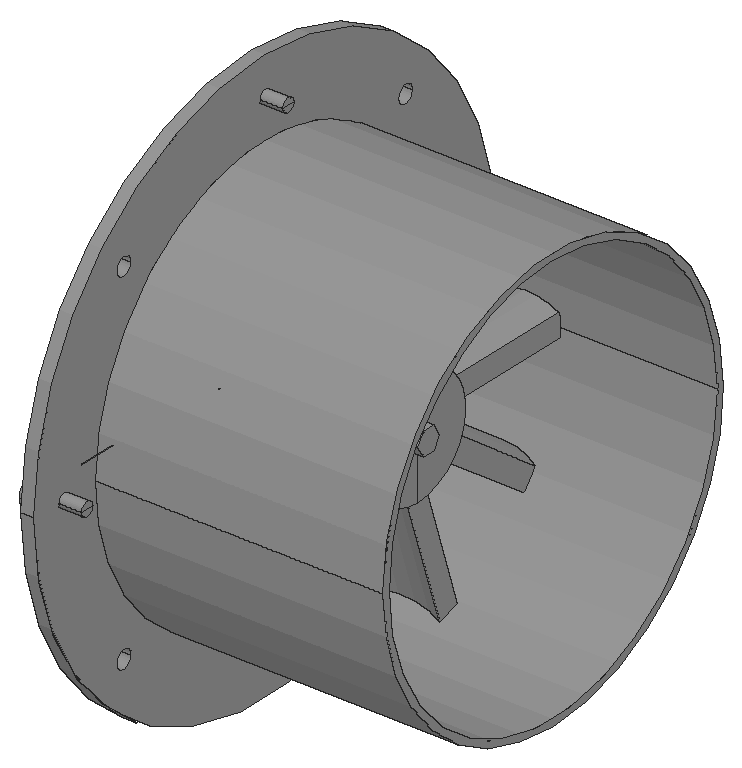
Revit family "ОВ_К_Р 1_Eng", category Mechanical Equipment, Revit 2021
Family settings
  Round Connector Dimension = Use Diameter
  Classification = None
  Part Type = Normal
  Work Plane-Based = No
  Always vertical = Yes
  Cut with Voids When Loaded = No
  Shared = No
  Room Calculation Point = No
Parameters (values of type "OVK1 150")
  Grid OV1 R = no
  Partition = yes
  Width = Height  # 220 mm
  Weight = 2.50 kg
  Voltage = if(Number of Fase = 3, 400 V, 230 V)  # 230 V
  Sound pressure level at 3 m distance = "33 dBA"
  Pressure_Static_Air [instance] = 0.0 Pa
  Power = 36 W
  Number of Fase = 1
  Maximum Air Flow = 200.0 m³/h
  Load Classification = "HVAC"
  Length = L  # 120 mm
  Height = if(Grid OVК1, D222, B)  # 220 mm
  Frequency = 50 Hz
  Diameter = if(Grid OVК1, D222, D)  # 220 mm
  Default Elevation = 0 mm
  Description = "Low pressure axial fans in the steel casing for wall mounting"  # constant formula
  Grid OVК1 = yes
  Grid OV1 = no
  Manufacturer = "Vents"  # constant formula
  t1 = 10 mm  # constant formula
  r = 0.07 * B  # 17.5 mm
  l1 = D / 2  # 81 mm
  l = d1 + 5 mm  # 10 mm
  d1 = 5 mm  # constant formula
  d = 7 mm
  URL = "https://ventilation-system.com/series/ovk1"
  Maintenance zone material = none
  L = 120 mm
  E2 = D / 2 + 15 mm  # 96 mm
  Dy = D - 5 mm  # 157 mm
  D99 = D9 - 5 mm  # 27 mm
  D9 = D88 - 10 mm  # 32 mm
  D88 = D8 - 5 mm  # 42 mm
  D8 = D77 - 10 mm  # 47 mm
  D7_77 = if(D7_7 = 46.5 mm, 47.7 mm, if(D7_7 = 2.5 mm, 0.7 mm, D7_7 - 5 mm))  # 47.7 mm
  D7_7 = if(D2_22 < 11 mm, 46.5 mm, abs(D6_66 - 10 mm))  # 46.5 mm
  D77 = D7 - 5 mm  # 57 mm
  D7 = D66 - 10 mm  # 62 mm
  D6_66 = if(D6_6 = 26.5 mm, 27.7 mm, if(D6_6 = 8.5 mm, 7.5 mm, D6_6 - 5 mm))  # 27.7 mm
  D6_6 = if(D2_22 < 11 mm, 26.5 mm, abs(D5_55 - 10 mm))  # 26.5 mm
  D66 = D6 - 5 mm  # 72 mm
  D6 = D55 - 10 mm  # 77 mm
  D5_55 = if(D5_5 = 16.5 mm, 17.7 mm, abs(D5_5 - 5 mm))  # 17.7 mm
  D5_5 = if(D2_22 < 11 mm, 16.5 mm, if(D4_44 < 14 mm, 3.5 mm, D4_44 - 10 mm))  # 16.5 mm
  D55 = D5 - 5 mm  # 87 mm
  D5 = D44 - 10 mm  # 92 mm
  D4_44 = if(D4_4 = 6.5 mm, 7 mm, D4_4 - 5 mm)  # 7 mm
  D4_4 = if(D2_22 < 11 mm, 6.5 mm, D3_33 - 10 mm)  # 6.5 mm
  D44 = D4 - 5 mm  # 102 mm
  D4 = D33 - 10 mm  # 107 mm
  D3_33 = D3_3 - 5 mm  # 1 mm
  D3_3 = if(D2_22 < 11 mm, 6 mm, D2_22 - 10 mm)  # 6 mm
  D33 = D3 - 5 mm  # 117 mm
  D3 = D22 - 10 mm  # 122 mm
  D2_22 = abs(D2_2 - 5 mm)  # 3 mm
  D2_2 = D1_11 - 10 mm  # 2 mm
  D22 = D2 - 5 mm  # 132 mm
  D2 = D11 - 10 mm  # 137 mm
  D1_11 = D1_1 - 5 mm  # 12 mm
  D1_1 = D99 - 10 mm  # 17 mm
  D222 = 220 mm
  D111 = 190 mm
  D11 = D1 - 5 mm  # 147 mm
  D1 = D - 10 mm  # 152 mm
  Casing Material = Metal, painted, matte black
  D = 162 mm
  B1 = 210 mm
  B = 250 mm
  Apparent Load = Voltage * Amperage  # 59.8 VA
  Amperage = 0.26 A
  Air Flow [instance] = 0.0 m³/h
  09_System_Name [instance] = ""
  00_20_Type = "OVK1 150"
  00_20_Name = "Low pressure axial fans in the steel casing for wall mounting"  # constant formula
  00_20_Manufacturer = "Vents"  # constant formula
Types (12, lengths in mm): name | Grid OV1 R | Partition | Width | Weight | Sound pressure level at 3 m distance | Power | Maximum Air Flow | Length | Height | Diameter | Grid OVК1 | Grid OV1 | r | l1 | d | URL | L | E2 | Dy | D99 | D9 | D88 | D8 | D7_77 | D7_7 | D77 | D7 | D6_66 | D6_6 | D66 | D6 | D5_55 | D5_5 | D55 | D5 | D4_44 | D4_4 | D44 | D4 | D3_33 | D3_3 | D33 | D3 | D2_22 | D2_2 | D22 | D2 | D1_11 | D1_1 | D222 | D111 | D11 | D1 | Casing Material | D | B1 | B | Apparent Load | Amperage | 00_20_Type
  (no name) | no | yes | 220 | 2.50 kg | "33 dBA" | 36 W | 200.0 m³/h | 120 | 220 | 220 | yes | no | 17.5 | 81 | 7 | "https://ventilation-system.com/series/ovk1" | 120 | 96 | 157 | 27 | 32 | 42 | 47 | 47.7 | 46.5 | 57 | 62 | 27.7 | 26.5 | 72 | 77 | 17.7 | 16.5 | 87 | 92 | 7 | 6.5 | 102 | 107 | 1 | 6 | 117 | 122 | 3 | 2 | 132 | 137 | 12 | 17 | 220 | 190 | 147 | 152 | Metal, painted, matte black | 162 | 210 | 250 | 59.8 VA | 0.26 A | "OVK1 150"
  OV1 200 | no | yes | 312 | 3.00 kg | "33 dBA" | 43 W | 405.0 m³/h | 120 | 312 | 208 | no | yes | 21.84 | 104 | 7 | "https://ventilation-system.com/series/ov1" | 120 | 119 | 203 | 73 | 78 | 88 | 93 | 0.7 | 2.5 | 103 | 108 | 7.5 | 8.5 | 118 | 123 | 1.5 | 3.5 | 133 | 138 | 13 | 18 | 148 | 153 | 28 | 33 | 163 | 168 | 43 | 48 | 178 | 183 | 58 | 63 | 213 | 186.371 | 193 | 198 | Metal, painted, matte black | 208 | 260 | 312 | 64.4 VA | 0.28 A | "OV1 200"
  OV1 150 | no | yes | 250 | 2.50 kg | "33 dBA" | 36 W | 200.0 m³/h | 120 | 250 | 162 | no | yes | 17.5 | 81 | 7 | "https://ventilation-system.com/series/ov1" | 120 | 96 | 157 | 27 | 32 | 42 | 47 | 47.7 | 46.5 | 57 | 62 | 27.7 | 26.5 | 72 | 77 | 17.7 | 16.5 | 87 | 92 | 7 | 6.5 | 102 | 107 | 1 | 6 | 117 | 122 | 3 | 2 | 132 | 137 | 12 | 17 | 167 | 186.371 | 147 | 152 | Metal, painted, matte black | 162 | 210 | 250 | 59.8 VA | 0.26 A | "OV1 150"
  OV1 250 | no | yes | 370 | 3.50 kg | "37 dBA" | 68 W | 1070.0 m³/h | 140 | 370 | 262 | no | yes | 25.9 | 131 | 7 | "https://ventilation-system.com/series/ov1" | 140 | 146 | 257 | 127 | 132 | 142 | 147 | 22 | 27 | 157 | 162 | 37 | 42 | 172 | 177 | 52 | 57 | 187 | 192 | 67 | 72 | 202 | 207 | 82 | 87 | 217 | 222 | 97 | 102 | 232 | 237 | 112 | 117 | 267 | 186.371 | 247 | 252 | Metal, painted, matte black | 262 | 320 | 370 | 110.4 VA | 0.48 A | "OV1 250"
  OV1 315 | no | yes | 430 | 6.10 kg | "42 dBA" | 110 W | 1700.0 m³/h | 170 | 430 | 312 | no | yes | 30.1 | 156 | 9 | "https://ventilation-system.com/series/ov1" | 170 | 171 | 307 | 177 | 182 | 192 | 197 | 72 | 77 | 207 | 212 | 87 | 92 | 222 | 227 | 102 | 107 | 237 | 242 | 117 | 122 | 252 | 257 | 132 | 137 | 267 | 272 | 147 | 152 | 282 | 287 | 162 | 167 | 317 | 186.371 | 297 | 302 | Metal, painted, matte black | 312 | 380 | 430 | 172.5 VA | 0.75 A | "OV1 315"
  OVK1 150 | no | yes | 220 | 2.50 kg | "33 dBA" | 36 W | 200.0 m³/h | 120 | 220 | 220 | yes | no | 17.5 | 81 | 7 | "https://ventilation-system.com/series/ovk1" | 120 | 96 | 157 | 27 | 32 | 42 | 47 | 47.7 | 46.5 | 57 | 62 | 27.7 | 26.5 | 72 | 77 | 17.7 | 16.5 | 87 | 92 | 7 | 6.5 | 102 | 107 | 1 | 6 | 117 | 122 | 3 | 2 | 132 | 137 | 12 | 17 | 220 | 190 | 147 | 152 | Metal, painted, matte black | 162 | 210 | 250 | 59.8 VA | 0.26 A | "OVK1 150"
  OVK1 200 | no | yes | 300 | 2.50 kg | "33 dBA" | 43 W | 405.0 m³/h | 120 | 300 | 300 | yes | no | 21.84 | 104 | 7 | "https://ventilation-system.com/series/ovk1" | 120 | 119 | 203 | 73 | 78 | 88 | 93 | 0.7 | 2.5 | 103 | 108 | 7.5 | 8.5 | 118 | 123 | 1.5 | 3.5 | 133 | 138 | 13 | 18 | 148 | 153 | 28 | 33 | 163 | 168 | 43 | 48 | 178 | 183 | 58 | 63 | 300 | 270 | 193 | 198 | Metal, painted, matte black | 208 | 260 | 312 | 64.4 VA | 0.28 A | "OVK1 200"
  OVK1 250 | no | yes | 360 | 3.00 kg | "37 dBA" | 68 W | 1070.0 m³/h | 140 | 360 | 360 | yes | no | 25.9 | 131 | 7 | "https://ventilation-system.com/series/ovk1" | 140 | 146 | 257 | 127 | 132 | 142 | 147 | 22 | 27 | 157 | 162 | 37 | 42 | 172 | 177 | 52 | 57 | 187 | 192 | 67 | 72 | 202 | 207 | 82 | 87 | 217 | 222 | 97 | 102 | 232 | 237 | 112 | 117 | 360 | 330 | 247 | 252 | Metal, painted, matte black | 262 | 320 | 370 | 110.4 VA | 0.48 A | "OVK1 250"
  OVK1 315 | no | yes | 420 | 5.10 kg | "42 dBA" | 110 W | 1700.0 m³/h | 170 | 420 | 420 | yes | no | 30.1 | 156 | 9 | "https://ventilation-system.com/series/ovk1" | 170 | 171 | 307 | 177 | 182 | 192 | 197 | 72 | 77 | 207 | 212 | 87 | 92 | 222 | 227 | 102 | 107 | 237 | 242 | 117 | 122 | 252 | 257 | 132 | 137 | 267 | 272 | 147 | 152 | 282 | 287 | 162 | 167 | 420 | 390 | 297 | 302 | Metal, painted, matte black | 312 | 380 | 430 | 172.5 VA | 0.75 A | "OVK1 315"
  OV1 150 R | yes | no | 325 | 2.50 kg | "33 dBA" | 36 W | 200.0 m³/h | 127 | 325 | 162 | no | no | 22.75 | 81 | 7 | "https://ventilation-system.com/series/ov1-r" | 127 | 96 | 157 | 27 | 32 | 42 | 47 | 47.7 | 46.5 | 57 | 62 | 27.7 | 26.5 | 72 | 77 | 17.7 | 16.5 | 87 | 92 | 7 | 6.5 | 102 | 107 | 1 | 6 | 117 | 122 | 3 | 2 | 132 | 137 | 12 | 17 | 220 | 190 | 147 | 152 | Plastic, opaque, white | 162 | 210 | 325 | 59.8 VA | 0.26 A | "OV1 150 R"
  OV1 200 R | yes | no | 325 | 3.00 kg | "32 dBA" | 43 W | 405.0 m³/h | 127 | 325 | 208 | no | no | 22.75 | 104 | 7 | "https://ventilation-system.com/series/ov1-r" | 127 | 119 | 203 | 73 | 78 | 88 | 93 | 0.7 | 2.5 | 103 | 108 | 7.5 | 8.5 | 118 | 123 | 1.5 | 3.5 | 133 | 138 | 13 | 18 | 148 | 153 | 28 | 33 | 163 | 168 | 43 | 48 | 178 | 183 | 58 | 63 | 220 | 190 | 193 | 198 | Plastic, opaque, white | 208 | 210 | 325 | 64.4 VA | 0.28 A | "OV1 200 R"
  OV1 250 R | yes | no | 325 | 3.50 kg | "37 dBA" | 68 W | 1070.0 m³/h | 152 | 325 | 262 | no | no | 22.75 | 131 | 7 | "https://ventilation-system.com/series/ov1-r" | 152 | 146 | 257 | 127 | 132 | 142 | 147 | 22 | 27 | 157 | 162 | 37 | 42 | 172 | 177 | 52 | 57 | 187 | 192 | 67 | 72 | 202 | 207 | 82 | 87 | 217 | 222 | 97 | 102 | 232 | 237 | 112 | 117 | 267 | 186.371 | 247 | 252 | Plastic, opaque, white | 262 | 320 | 325 | 110.4 VA | 0.48 A | "OV1 250 R"
Reference planes
  plane 1 "По центру (Вперед/Назад)": y = 0
  plane 2: z = 0
  plane 3 "По центру (Влево/Вправо)": x = 0
  plane 4: x = -10
  plane 5: z = 96
  plane 6: z = -96
  plane 7: y = 96
  plane 8: y = -96
  plane 9: y = 105
  plane 10: y = -105
  plane 11: z = 105
  plane 12: z = -105
  plane 13: x = 50
Forms (mm)
  Extrusion 1, solid, material "Metal, painted, matte black" <- "Casing Material", visible <- "Grid OV1"
    sketch origin (-80, 168.777, 0) x (0, -1, 0) y (0, 0, 1)
      loop
        circle (168.777, 0) r 81
      loop
        arc (276.277, -125) -> (288.652, -119.874) -> (293.777, -107.5) r 17.5
        line (293.777, -107.5) -> (293.777, 107.5)
        arc (293.777, 107.5) -> (288.652, 119.874) -> (276.277, 125) r 17.5
        line (276.277, 125) -> (61.277, 125)
        arc (61.277, 125) -> (48.903, 119.874) -> (43.777, 107.5) r 17.5
        line (43.777, 107.5) -> (43.777, -107.5)
        arc (43.777, -107.5) -> (48.903, -119.874) -> (61.277, -125) r 17.5
        line (61.277, -125) -> (276.277, -125)
      loop
        circle (168.777, 0) r 76
      loop
        circle (168.777, 0) r 73.5
      loop
        circle (168.777, 0) r 68.5
      loop
        circle (168.777, 0) r 66
      loop
        circle (168.777, 0) r 61
      loop
        circle (168.777, 0) r 58.5
      loop
        circle (168.777, 0) r 53.5
      loop
        circle (168.777, 0) r 51
      loop
        circle (168.777, 0) r 46
      loop
        circle (168.777, 0) r 43.5
      loop
        circle (168.777, 0) r 36
      loop
        circle (168.777, 0) r 38.5
      loop
        circle (168.777, 0) r 31
      loop
        circle (168.777, 0) r 28.5
      loop
        circle (168.777, 0) r 23.5
      loop
        circle (168.777, 0) r 21
      loop
        circle (168.777, 0) r 16
      loop
        circle (168.777, 0) r 13.5
      loop
        circle (168.777, 0) r 8.5
      loop
        circle (168.777, 0) r 6
      loop
        circle (168.777, 0) r 1
      loop
        circle (168.777, 0) r 1.5
      loop
        circle (168.777, 0) r 3
      loop
        circle (168.777, 0) r 0.5
      loop
        circle (168.777, 0) r 3.25
      loop
        circle (168.777, 0) r 3.5
      loop
        circle (168.777, 0) r 8.25
      loop
        circle (168.777, 0) r 8.85
      loop
        circle (168.777, 0) r 13.25
      loop
        circle (168.777, 0) r 13.85
      loop
        circle (168.777, 0) r 23.25
      loop
        circle (168.777, 0) r 23.85
      loop
        circle (273.777, 105) r 3.5
      loop
        circle (273.777, -105) r 3.5
      loop
        circle (63.777, -105) r 3.5
      loop
        circle (63.777, 105) r 3.5
    from -80 to -75
  Extrusion 2, solid, material "Metal, painted, matte black" <- "Casing Material"
    sketch origin (35, 109.934, 0) x (0, -1, 0) y (0, 0, 1)
      loop
        circle (109.934, 0) r 78.5
      loop
        circle (109.934, 0) r 81
    from -75 to 35
  Extrusion 3, solid, material "Metal, painted, matte black" <- "Casing Material", visible <- "Grid OVК1"
    sketch origin (0, 0, 0) x (0, 1, 0) y (0, 0, 1)
      loop
        circle (0, 0) r 110
      loop
        circle (0, 0) r 81
      loop
        circle (0, 0) r 76
      loop
        circle (0, 0) r 73.5
      loop
        circle (0, 0) r 68.5
      loop
        circle (0, 0) r 66
      loop
        circle (0, 0) r 61
      loop
        circle (0, 0) r 58.5
      loop
        circle (0, 0) r 53.5
      loop
        circle (0, 0) r 51
      loop
        circle (0, 0) r 46
      loop
        circle (0, 0) r 43.5
      loop
        circle (0, 0) r 36
      loop
        circle (0, 0) r 38.5
      loop
        circle (0, 0) r 31
      loop
        circle (0, 0) r 28.5
      loop
        circle (0, 0) r 23.5
      loop
        circle (0, 0) r 21
      loop
        circle (0, 0) r 16
      loop
        circle (0, 0) r 13.5
      loop
        circle (0, 0) r 8.5
      loop
        circle (0, 0) r 6
      loop
        circle (0, 0) r 1
      loop
        circle (0, 0) r 1.5
      loop
        circle (0, 0) r 3
      loop
        circle (0, 0) r 0.5
      loop
        circle (0, 0) r 3.25
      loop
        circle (0, 0) r 3.5
      loop
        circle (0, 0) r 8.25
      loop
        circle (0, 0) r 8.85
      loop
        circle (0, 0) r 13.25
      loop
        circle (0, 0) r 13.85
      loop
        circle (0, 0) r 23.25
      loop
        circle (0, 0) r 23.85
      loop
        circle (67.175, 67.175) r 3.5
      loop
        circle (-67.175, 67.175) r 3.5
      loop
        circle (-67.175, -67.175) r 3.5
      loop
        circle (67.175, -67.175) r 3.5
    from 0 to -5
Dimensions and locks
  "B": Extrusion 1 sketch curve to Extrusion 1 sketch curve  (x2)
  equal spacing: Extrusion 1 sketch curve, plane 1 "По центру (Вперед/Назад)", Extrusion 1 sketch curve
  equal spacing: Extrusion 1 sketch curve, level, Extrusion 1 sketch curve
  "l": plane 4 to plane 3 "По центру (Влево/Вправо)"
  "E2": plane 6 to level to plane 5
  "E2": plane 7 to plane 1 "По центру (Вперед/Назад)" to plane 8
  equal spacing: plane 11, level, plane 12
  "B1": plane 12 to plane 11
  equal spacing: plane 9, plane 1 "По центру (Вперед/Назад)", plane 10
  "B1": plane 9 to plane 10
  "L": plane 4 to Extrusion 2
  locked: plane 13 to plane 3 "По центру (Влево/Вправо)" at 50
  locked: Extrusion 3 to plane 3 "По центру (Влево/Вправо)" at 5
  "D": diameter of Extrusion 1 sketch curve
  "D1": diameter of Extrusion 1 sketch curve
  "D11": diameter of Extrusion 1 sketch curve
  "D2": diameter of Extrusion 1 sketch curve
  "D22": diameter of Extrusion 1 sketch curve
  "D3": diameter of Extrusion 1 sketch curve
  "D33": diameter of Extrusion 1 sketch curve
  "D44": diameter of Extrusion 1 sketch curve
  "D4": diameter of Extrusion 1 sketch curve
  "D5": diameter of Extrusion 1 sketch curve
  "D55": diameter of Extrusion 1 sketch curve
  "D66": diameter of Extrusion 1 sketch curve
  "D6": diameter of Extrusion 1 sketch curve
  "D7": diameter of Extrusion 1 sketch curve
  "D77": diameter of Extrusion 1 sketch curve
  "D8": diameter of Extrusion 1 sketch curve
  "D88": diameter of Extrusion 1 sketch curve
  "D9": diameter of Extrusion 1 sketch curve
  "D99": diameter of Extrusion 1 sketch curve
  "D1_1": diameter of Extrusion 1 sketch curve
  "D1_11": diameter of Extrusion 1 sketch curve
  "D2_2": diameter of Extrusion 1 sketch curve
  "D2_22": diameter of Extrusion 1 sketch curve
  "D3_3": diameter of Extrusion 1 sketch curve
  "D3_33": diameter of Extrusion 1 sketch curve
  "D4_4": diameter of Extrusion 1 sketch curve
  "D4_44": diameter of Extrusion 1 sketch curve
  "D5_55": diameter of Extrusion 1 sketch curve
  "D5_5": diameter of Extrusion 1 sketch curve
  "D6_6": diameter of Extrusion 1 sketch curve
  "D6_66": diameter of Extrusion 1 sketch curve
  "D7_7": diameter of Extrusion 1 sketch curve
  "D7_77": diameter of Extrusion 1 sketch curve
  "d": diameter of Extrusion 1 sketch curve  (x4)
  "r": radius of Extrusion 1 sketch curve  (x4)
  "D": diameter of Extrusion 2 sketch curve
  "Dy": diameter of Extrusion 2 sketch curve
  "D": diameter of Extrusion 3 sketch curve
  "D1": diameter of Extrusion 3 sketch curve
  "D11": diameter of Extrusion 3 sketch curve
  "D2": diameter of Extrusion 3 sketch curve
  "D22": diameter of Extrusion 3 sketch curve
  "D3": diameter of Extrusion 3 sketch curve
  "D33": diameter of Extrusion 3 sketch curve
  "D44": diameter of Extrusion 3 sketch curve
  "D4": diameter of Extrusion 3 sketch curve
  "D5": diameter of Extrusion 3 sketch curve
  "D55": diameter of Extrusion 3 sketch curve
  "D66": diameter of Extrusion 3 sketch curve
  "D6": diameter of Extrusion 3 sketch curve
  "D7": diameter of Extrusion 3 sketch curve
  "D77": diameter of Extrusion 3 sketch curve
  "D8": diameter of Extrusion 3 sketch curve
  "D88": diameter of Extrusion 3 sketch curve
  "D9": diameter of Extrusion 3 sketch curve
  "D99": diameter of Extrusion 3 sketch curve
  "D1_1": diameter of Extrusion 3 sketch curve
  "D1_11": diameter of Extrusion 3 sketch curve
  "D2_2": diameter of Extrusion 3 sketch curve
  "D2_22": diameter of Extrusion 3 sketch curve
  "D3_3": diameter of Extrusion 3 sketch curve
  "D3_33": diameter of Extrusion 3 sketch curve
  "D4_4": diameter of Extrusion 3 sketch curve
  "D4_44": diameter of Extrusion 3 sketch curve
  "D5_55": diameter of Extrusion 3 sketch curve
  "D5_5": diameter of Extrusion 3 sketch curve
  "D6_6": diameter of Extrusion 3 sketch curve
  "D6_66": diameter of Extrusion 3 sketch curve
  "D7_7": diameter of Extrusion 3 sketch curve
  "D7_77": diameter of Extrusion 3 sketch curve
  "D222": diameter of Extrusion 3 sketch curve
  "d": diameter of Extrusion 3 sketch curve  (x4)
  aligned and locked: level to plane 2
  aligned and locked: level to nested 1
  aligned and locked: plane 4 to nested 1
  aligned and locked: nested 1 to plane 1 "По центру (Вперед/Назад)"
  aligned and locked: nested 2 to plane 1 "По центру (Вперед/Назад)"
  aligned and locked: plane 4 to nested 2
  aligned and locked: nested 4 to level
  aligned and locked: level to nested 5
  aligned and locked: plane 5 to nested 2
  aligned and locked: plane 1 "По центру (Вперед/Назад)" to nested 3
  aligned and locked: nested 3 to plane 6
  aligned and locked: nested 5 to plane 8
  aligned and locked: nested 4 to plane 7
  aligned and locked: plane 4 to nested 4
  aligned and locked: nested 3 to plane 4
  aligned and locked: nested 2 to plane 4
  aligned and locked: nested 5 to plane 4
  aligned and locked: plane 13 to nested 6
  aligned and locked: level to nested 6
  aligned and locked: plane 1 "По центру (Вперед/Назад)" to nested 6
  aligned and locked: Extrusion 3 to plane 3 "По центру (Влево/Вправо)"
  aligned and locked: plane 3 "По центру (Влево/Вправо)" to nested 7
  aligned and locked: nested 7 to plane 1 "По центру (Вперед/Назад)"
Automatic sketch dimensions
  Extrusion 2 sketch curve to Extrusion 2 sketch curve = 0 mm  (x2)
  Extrusion 2 sketch curve to level = 0 mm
  Extrusion 2 sketch curve to plane 1 "По центру (Вперед/Назад)" = 0 mm
  Extrusion 1 sketch curve to Extrusion 1 sketch curve = 0 mm  (x64)
  Extrusion 1 sketch curve to plane 9 = 0 mm  (x2)
  Extrusion 1 sketch curve to level = 0 mm
  Extrusion 1 sketch curve to plane 1 "По центру (Вперед/Назад)" = 0 mm
  Extrusion 1 sketch curve to plane 10 = 0 mm  (x2)
  Extrusion 1 sketch curve to plane 12 = 0 mm  (x2)
  plane 11 to Extrusion 1 sketch curve = 0 mm  (x2)
  Extrusion 3 sketch curve to Extrusion 3 sketch curve = 0 mm  (x66)
  Extrusion 3 sketch curve to level = 0 mm
  Extrusion 3 sketch curve to plane 1 "По центру (Вперед/Назад)" = 0 mm
  Extrusion 3 sketch curve to plane 8 = 28.825 mm  (x2)
  plane 7 to Extrusion 3 sketch curve = 28.825 mm  (x2)
  plane 6 to Extrusion 3 sketch curve = 28.825 mm  (x2)
  plane 5 to Extrusion 3 sketch curve = 28.825 mm  (x2)
Nested families
  nested 1: "Partition" at (-10, 0, 50) x (0, 1, 0) z (0, 0, 1), visible <- "Partition", type "Partition"
    with l 81 mm, E 55.5 mm
  nested 2: "Stub" at (-11, 0, 96) x (0, 1, 0) z (1, 0, 0), visible <- "Partition", type "Stub"
  nested 3: "Stub" at (-11, 0, -96) x (0, 1, 0) z (1, 0, 0), visible <- "Partition", type "Stub"
  nested 4: "Stub" at (-11, 96, 0) x (0, 1, 0) z (1, 0, 0), visible <- "Partition", type "Stub"
  nested 5: "Stub" at (-11, -96, 0) x (0, -1, 0) z (1, 0, 0), visible <- "Partition", type "Stub"
  nested 6: "Fan" at (50, 0, 0) x (0, 0, 1) z (-1, 0, 0), type "Fan"
    with r 22.429 mm, R 78.5 mm, Dy 157 mm
  nested 7: "Grid OV1 R" at (0, 0, 0) x (-1, 0, 0) z (0, 0, 1), visible <- "Grid OV1 R", type "Grid OV1 R"
    with h1 100 mm, b1 100 mm, Nv 13, Ng 13, H1 200 mm, H 250 mm, B1 200 mm, B 250 mm, -h1 -100 mm, -b1 -100 mm
Connectors
  hvac at (110, 0, 0), driven by "D"
    settings: on Extrusion 2, index 1, duct flow 0.0 m³/h, flow factor 0, pres drop 0.0 Pa, loss coef 0, conn angle 0.00°, conn width 304.8 mm, conn height 304.8 mm, conn diameter 162 mm, duct sys type 3, conn prof type 0, flow config 0, flow direction 2, loss method 0, conn ref index -1, conn util no, is conn primary yes, conn desc ""
  electrical at (62.6, 0, 0), driven by "Voltage", driven by "Apparent Load"
    settings: on nested 6, index 2, voltage 230 V, apparent load 59.8 VA, apparent load phase1 0 VA, apparent load phase2 0 VA, apparent load phase3 0 VA, power factor 1, load classification "Прочее", number of poles 1, system type 30, power factor state 1, is connector primary yes, connector utility no, sub classification motor no, connector description ""
Definition of nested family "Partition"
  Parameters (values of type "Перегородка")
    Default Elevation = 188.949 mm
    t2 = if(t > 50 mm, 50 mm + 50 mm - t1, t1 + t)  # 55 mm
    t1 = if(t > 50 mm, 30 mm, 50 mm - t / 2)  # 45 mm
    t = 10 mm
    l = 104 mm
    e = 50 mm  # constant formula
    d = 5 mm
    E = l / 2 + 15 mm  # 67 mm
    Casing Material = none
  Reference planes
    plane 1 "По центру (Вперед/Назад)": y = 0
    plane 2: z = 0
    plane 3 "По центру (Влево/Вправо)": x = 0
    plane 4: x = 50
    plane 5: z = -100
    plane 6: z = 0
    plane 7: x = -50
    plane 8: z = -50
  Forms (mm)
    Sweep 1, solid, material <- "Casing Material"
      path origin (-127.007, -84.114, 17) x (1, 0, 0) y (0, 0, 1)
        loop
          line (132.007, -52) -> (132.007, 52)
          arc (132.007, 52) -> (127.007, 57) -> (122.007, 52) r 5
          line (122.007, 52) -> (122.007, -52)
          arc (122.007, -52) -> (127.007, -57) -> (132.007, -52) r 5
      profile origin (5, -84.114, 17) x (-1, 0, 0) y (0, -1, 0)
        loop
          circle (0, -81.614) r 2.5
    Sweep 2, solid, material <- "Casing Material"
      path origin (67, -84.114, 77.007) x (0, 0, -1) y (1, 0, 0)
        loop
          line (132.007, -52) -> (132.007, 52)
          arc (132.007, 52) -> (127.007, 57) -> (122.007, 52) r 5
          line (122.007, 52) -> (122.007, -52)
          arc (122.007, -52) -> (127.007, -57) -> (132.007, -52) r 5
      profile origin (67, -84.114, -55) x (0, 0, 1) y (0, -1, 0)
        loop
          circle (0, -81.614) r 2.5
    Sweep 3, solid, material <- "Casing Material"
      path origin (-67, -84.114, -177.007) x (0, 0, 1) y (-1, 0, 0)
        loop
          line (132.007, -52) -> (132.007, 52)
          arc (132.007, 52) -> (127.007, 57) -> (122.007, 52) r 5
          line (122.007, 52) -> (122.007, -52)
          arc (122.007, -52) -> (127.007, -57) -> (132.007, -52) r 5
      profile origin (-67, -84.114, -45) x (0, 0, -1) y (0, -1, 0)
        loop
          circle (0, -81.614) r 2.5
    Sweep 4, solid, material <- "Casing Material"
      path origin (127.007, -84.114, -117) x (-1, 0, 0) y (0, 0, -1)
        loop
          line (132.007, -52) -> (132.007, 52)
          arc (132.007, 52) -> (127.007, 57) -> (122.007, 52) r 5
          line (122.007, 52) -> (122.007, -52)
          arc (122.007, -52) -> (127.007, -57) -> (132.007, -52) r 5
      profile origin (-5, -84.114, -117) x (0, -1, 0) y (1, 0, 0)
        loop
          circle (-81.614, 0) r 2.5
  Dimensions and locks
    "t1": plane 4 to Sweep 1 sketch curve
    "t2": Sweep 1 sketch curve to plane 4
    "t1": plane 5 to Sweep 2 sketch curve
    "t2": Sweep 2 sketch curve to plane 5
    "t1": plane 6 to Sweep 3 sketch curve
    "t2": Sweep 3 sketch curve to plane 6
    "t1": plane 7 to Sweep 4 sketch curve
    "t2": Sweep 4 sketch curve to plane 7
    "l": Sweep 1 sketch curve to Sweep 1 sketch curve
    "l": Sweep 2 sketch curve to Sweep 2 sketch curve
    "l": Sweep 3 sketch curve to Sweep 3 sketch curve
    "l": Sweep 4 sketch curve to Sweep 4 sketch curve
    "e": plane 2 to plane 8
    "d": diameter of Sweep 1 sketch curve
    "d": diameter of Sweep 2 sketch curve
    "d": diameter of Sweep 3 sketch curve
    "d": diameter of Sweep 4 sketch curve
    "E": radius of radial array
    aligned and locked: level to plane 2
  Automatic sketch dimensions
    Sweep 1 sketch curve to profile plane = 0 mm
    Sweep 1 sketch curve to profile plane = 81.614 mm
    Sweep 2 sketch curve to profile plane = 0 mm
    Sweep 2 sketch curve to profile plane = 81.614 mm
    Sweep 3 sketch curve to profile plane = 0 mm
    Sweep 3 sketch curve to profile plane = 81.614 mm
    Sweep 4 sketch curve to profile plane = 0 mm
    Sweep 4 sketch curve to profile plane = 81.614 mm
Definition of nested family "Stub"
  Parameters (values of type "Винт")
    Default Elevation = 0 mm
  Reference planes
    plane 1 "По центру (Вперед/Назад)": y = 0
    plane 2: z = 0
    plane 3 "По центру (Влево/Вправо)": x = 0
  Forms (mm)
    Revolve 1, solid
      sketch origin (0, 0, 0) x (-1, 0, 0) y (0, 0, -1)
        loop
          line (0, -20) -> (2.5, -20) -> (2.5, 0) -> (5, 0) -> (5, 0.988)
          arc (5, 0.988) -> (2.589, 1.966) -> (0, 2.235) r 9.254
          line (0, 2.235) -> (0, -20)
        axis (0, 2.235) -> (0, -20)
      angle from 0 to 360
    Extrusion 2, void
      sketch origin (0, -0.137, 0) x (1, 0, 0) y (0, 1, 0)
        loop
          line (-0.439, -5.119) -> (0.455, -5.119) -> (0.455, -0.343) -> (5.249, -0.343) -> (5.249, 0.594) -> (0.439, 0.594) -> (0.439, 5.38) -> (-0.439, 5.38) -> (-0.439, 0.594) -> (-5.291, 0.594) -> (-5.291, -0.319) -> (-0.439, -0.319) -> (-0.439, -5.119)
      from -3.528 to -0.988
    Extrusion 3, solid
      sketch origin (0, 0, 0) x (0, 1, 0) y (-1, 0, 0)
        loop
          circle (0, 0) r 7.018
      from 0 to 1
  Cuts and joins
    Extrusion 2 cuts Revolve 1
  Dimensions and locks
    aligned and locked: level to plane 2
    aligned and locked: Extrusion 2 to Revolve 1
Definition of nested family "Fan"
  Parameters (values of type "Вентилятор")
    Default Elevation = 0 mm
    r = Dy / 7  # 29 mm
    n = 10
    R = Dy / 2  # 101.5 mm
    Dy = 203 mm
    D = 312 mm
    Casing Material = none
  Reference planes
    plane 1 "По центру (Вперед/Назад)": y = 0
    plane 2: z = 0
    plane 3 "По центру (Влево/Вправо)": x = 0
  Forms (mm)
    Extrusion 1, solid, material <- "Casing Material"
      sketch origin (5, 0, 0) x (1, 0, 0) y (0, 0, 1)
        loop
          arc (-1.417, 0) -> (-5.784, 15.673) -> (-3.327, 31.756) r 38.725
          arc (-3.327, 31.756) -> (-13.26, 17.281) -> (-10.167, 0) r 23.13
          line (-10.167, 0) -> (-1.417, 0)
      from 29 <- "r" to 101.5 <- "R"
    Extrusion 2, solid, material <- "Casing Material"
      sketch origin (4.045, -2.939, 0) x (0.809017, -0.587785, 0) y (0, 0, 1)
        loop
          arc (-1.417, 0) -> (-5.784, 15.673) -> (-3.327, 31.756) r 38.725
          arc (-3.327, 31.756) -> (-13.26, 17.281) -> (-10.167, 0) r 23.13
          line (-10.167, 0) -> (-1.417, 0)
      from 29 <- "r" to 101.5 <- "R"
    Extrusion 3, solid, material <- "Casing Material"
      sketch origin (4.045, 2.939, 0) x (0.809017, 0.587785, 0) y (0, 0, 1)
        loop
          arc (-1.417, 0) -> (-5.784, 15.673) -> (-3.327, 31.756) r 38.725
          arc (-3.327, 31.756) -> (-13.26, 17.281) -> (-10.167, 0) r 23.13
          line (-10.167, 0) -> (-1.417, 0)
      from 29 <- "r" to 101.5 <- "R"
    Extrusion 4, solid, material <- "Casing Material"
      sketch origin (1.545, 4.755, 0) x (0.309017, 0.951057, 0) y (0, 0, 1)
        loop
          arc (-1.417, 0) -> (-5.784, 15.673) -> (-3.327, 31.756) r 38.725
          arc (-3.327, 31.756) -> (-13.26, 17.281) -> (-10.167, 0) r 23.13
          line (-10.167, 0) -> (-1.417, 0)
      from 29 <- "r" to 101.5 <- "R"
    Extrusion 5, solid, material <- "Casing Material"
      sketch origin (-1.545, 4.755, 0) x (-0.309017, 0.951057, 0) y (0, 0, 1)
        loop
          arc (-1.417, 0) -> (-5.784, 15.673) -> (-3.327, 31.756) r 38.725
          arc (-3.327, 31.756) -> (-13.26, 17.281) -> (-10.167, 0) r 23.13
          line (-10.167, 0) -> (-1.417, 0)
      from 29 <- "r" to 101.5 <- "R"
    Extrusion 6, solid, material <- "Casing Material"
      sketch origin (-4.045, 2.939, 0) x (-0.809017, 0.587785, 0) y (0, 0, 1)
        loop
          arc (-1.417, 0) -> (-5.784, 15.673) -> (-3.327, 31.756) r 38.725
          arc (-3.327, 31.756) -> (-13.26, 17.281) -> (-10.167, 0) r 23.13
          line (-10.167, 0) -> (-1.417, 0)
      from 29 <- "r" to 101.5 <- "R"
    Extrusion 7, solid, material <- "Casing Material"
      sketch origin (-5, 0, 0) x (-1, 0, 0) y (0, 0, 1)
        loop
          arc (-1.417, 0) -> (-5.784, 15.673) -> (-3.327, 31.756) r 38.725
          arc (-3.327, 31.756) -> (-13.26, 17.281) -> (-10.167, 0) r 23.13
          line (-10.167, 0) -> (-1.417, 0)
      from 29 <- "r" to 101.5 <- "R"
    Extrusion 8, solid, material <- "Casing Material"
      sketch origin (-4.045, -2.939, 0) x (-0.809017, -0.587785, 0) y (0, 0, 1)
        loop
          arc (-1.417, 0) -> (-5.784, 15.673) -> (-3.327, 31.756) r 38.725
          arc (-3.327, 31.756) -> (-13.26, 17.281) -> (-10.167, 0) r 23.13
          line (-10.167, 0) -> (-1.417, 0)
      from 29 <- "r" to 101.5 <- "R"
    Revolve 9, solid, material <- "Casing Material"
      sketch origin (0, 0, 0) x (1, 0, 0) y (0, 0, 1)
        loop
          line (0, -8.555) -> (29, -8.555) -> (29, 33.086)
          arc (29, 33.086) -> (14.733, 36.962) -> (0, 38.189) r 81.241
          line (0, 38.189) -> (0, -8.555)
        axis (0, 38.189) -> (0, -8.555)
      angle from 0 to 360
    Extrusion 10, solid, material <- "Casing Material"
      sketch origin (-1.545, -4.755, 0) x (-0.309017, -0.951057, 0) y (0, 0, 1)
        loop
          arc (-1.417, 0) -> (-5.784, 15.673) -> (-3.327, 31.756) r 38.725
          arc (-3.327, 31.756) -> (-13.26, 17.281) -> (-10.167, 0) r 23.13
          line (-10.167, 0) -> (-1.417, 0)
      from 29 <- "r" to 101.5 <- "R"
    Extrusion 11, solid, material <- "Casing Material"
      sketch origin (1.545, -4.755, 0) x (0.309017, -0.951057, 0) y (0, 0, 1)
        loop
          arc (-1.417, 0) -> (-5.784, 15.673) -> (-3.327, 31.756) r 38.725
          arc (-3.327, 31.756) -> (-13.26, 17.281) -> (-10.167, 0) r 23.13
          line (-10.167, 0) -> (-1.417, 0)
      from 29 <- "r" to 101.5 <- "R"
    Extrusion 12, solid, material <- "Casing Material"
      sketch origin (0, 0, 0) x (1, 0, 0) y (0, 1, 0)
        loop
          line (0, 5) -> (-4.33, 2.5) -> (-4.33, -2.5) -> (0, -5) -> (4.33, -2.5) -> (4.33, 2.5) -> (0, 5)
      from -12.6 to -8.555
  Dimensions and locks
    "r": Revolve 9 sketch curve to plane 3 "По центру (Влево/Вправо)"
    aligned and locked: level to plane 2
  Automatic sketch dimensions
    Extrusion 1 sketch curve to Extrusion 1 sketch curve = 8.75 mm
    Extrusion 1 sketch curve to Extrusion 1 sketch curve = 10.768 mm
    Extrusion 1 sketch curve to Extrusion 1 sketch curve = 23.52 mm
    Extrusion 1 sketch curve to Extrusion 1 sketch curve = 12.411 mm
    Extrusion 1 sketch curve to Extrusion 1 sketch curve = 5.588 mm
    Extrusion 2 sketch curve to Extrusion 2 sketch curve = 8.75 mm
    Extrusion 2 sketch curve to Extrusion 2 sketch curve = 10.768 mm
    Extrusion 2 sketch curve to Extrusion 2 sketch curve = 23.52 mm
    Extrusion 2 sketch curve to Extrusion 2 sketch curve = 12.411 mm
    Extrusion 2 sketch curve to Extrusion 2 sketch curve = 5.588 mm
    Extrusion 3 sketch curve to Extrusion 3 sketch curve = 8.75 mm
    Extrusion 3 sketch curve to Extrusion 3 sketch curve = 10.768 mm
    Extrusion 3 sketch curve to Extrusion 3 sketch curve = 23.52 mm
    Extrusion 3 sketch curve to Extrusion 3 sketch curve = 12.411 mm
    Extrusion 3 sketch curve to Extrusion 3 sketch curve = 5.588 mm
    Extrusion 4 sketch curve to Extrusion 4 sketch curve = 8.75 mm
    Extrusion 4 sketch curve to Extrusion 4 sketch curve = 10.768 mm
    Extrusion 4 sketch curve to Extrusion 4 sketch curve = 23.52 mm
    Extrusion 4 sketch curve to Extrusion 4 sketch curve = 12.411 mm
    Extrusion 4 sketch curve to Extrusion 4 sketch curve = 5.588 mm
    Extrusion 5 sketch curve to Extrusion 5 sketch curve = 8.75 mm
    Extrusion 5 sketch curve to Extrusion 5 sketch curve = 10.768 mm
    Extrusion 5 sketch curve to Extrusion 5 sketch curve = 23.52 mm
    Extrusion 5 sketch curve to Extrusion 5 sketch curve = 12.411 mm
    Extrusion 5 sketch curve to Extrusion 5 sketch curve = 5.588 mm
    Extrusion 6 sketch curve to Extrusion 6 sketch curve = 8.75 mm
    Extrusion 6 sketch curve to Extrusion 6 sketch curve = 10.768 mm
    Extrusion 6 sketch curve to Extrusion 6 sketch curve = 23.52 mm
    Extrusion 6 sketch curve to Extrusion 6 sketch curve = 12.411 mm
    Extrusion 6 sketch curve to Extrusion 6 sketch curve = 5.588 mm
    Extrusion 7 sketch curve to Extrusion 7 sketch curve = 8.75 mm
    Extrusion 7 sketch curve to Extrusion 7 sketch curve = 10.768 mm
    Extrusion 7 sketch curve to Extrusion 7 sketch curve = 23.52 mm
    Extrusion 7 sketch curve to Extrusion 7 sketch curve = 12.411 mm
    Extrusion 7 sketch curve to Extrusion 7 sketch curve = 5.588 mm
    Extrusion 8 sketch curve to Extrusion 8 sketch curve = 8.75 mm
    Extrusion 8 sketch curve to Extrusion 8 sketch curve = 10.768 mm
    Extrusion 8 sketch curve to Extrusion 8 sketch curve = 23.52 mm
    Extrusion 8 sketch curve to Extrusion 8 sketch curve = 12.411 mm
    Extrusion 8 sketch curve to Extrusion 8 sketch curve = 5.588 mm
    Extrusion 10 sketch curve to Extrusion 10 sketch curve = 8.75 mm
    Extrusion 10 sketch curve to Extrusion 10 sketch curve = 10.768 mm
    Extrusion 10 sketch curve to Extrusion 10 sketch curve = 23.52 mm
    Extrusion 10 sketch curve to Extrusion 10 sketch curve = 12.411 mm
    Extrusion 10 sketch curve to Extrusion 10 sketch curve = 5.588 mm
    Extrusion 11 sketch curve to Extrusion 11 sketch curve = 8.75 mm
    Extrusion 11 sketch curve to Extrusion 11 sketch curve = 10.768 mm
    Extrusion 11 sketch curve to Extrusion 11 sketch curve = 23.52 mm
    Extrusion 11 sketch curve to Extrusion 11 sketch curve = 12.411 mm
    Extrusion 11 sketch curve to Extrusion 11 sketch curve = 5.588 mm
    Revolve 9 sketch curve to plane 3 "По центру (Влево/Вправо)" = 0 mm  (x2)
    plane 3 "По центру (Влево/Вправо)" to Revolve 9 sketch curve = 0.655 mm
    Revolve 9 sketch curve to level = 43.049 mm
    Revolve 9 sketch curve to level = 8.555 mm
    level to Revolve 9 sketch curve = 33.086 mm
    Revolve 9 sketch curve to Revolve 9 sketch curve = 7.546 mm
    Revolve 9 sketch curve to Revolve 9 sketch curve = 7.214 mm
Definition of nested family "Grid OV1 R"
  Parameters (values of type "Решетка ОВ1 P")
    Default Elevation = 0 mm
    Manufacturer = "Вентс"  # constant formula
    t = 2 mm
    h1 = H1 / 2  # 137.5 mm
    b1 = B1 / 2  # 137.5 mm
    T = 5 mm
    S = 12 mm
    Nv = H1 / S - 4  # 19
    Ng = B1 / S - 4  # 19
    H1 = B1  # 275 mm
    H = B  # 325 mm
    B1 = B - 50 mm  # 275 mm
    B = 325 mm
    -h1 = -H1 / 2  # -137.5 mm
    -b1 = -B1 / 2  # -137.5 mm
  Reference planes
    plane 1 "По центру (Вперед/Назад)": y = 0
    plane 2: z = 0
    plane 3 "По центру (Влево/Вправо)": x = 0
  Forms (mm)
    Extrusion 1, solid
      sketch origin (0, 0, 0) x (0, 1, 0) y (0, 0, 1)
        loop
          line (162.5, 162.5) -> (-162.5, 162.5) -> (-162.5, -162.5) -> (162.5, -162.5) -> (162.5, 162.5)
        loop
          line (137.5, 137.5) -> (-137.5, 137.5) -> (-137.5, -137.5) -> (137.5, -137.5) -> (137.5, 137.5)
      from 0 to 5 <- "T"
    Extrusion 2, solid
      sketch origin (0, 0, 0) x (1, 0, 0) y (0, 1, 0)
        loop
          line (0, 127.5) -> (0, 125.5) -> (5, 125.5) -> (5, 127.5) -> (0, 127.5)
      from 137.5 <- "h1" to -137.5 <- "-b1"
    Extrusion 3, solid
      sketch origin (0, -14, 0) x (1, 0, 0) y (0, 1, 0)
        loop
          line (0, 127.5) -> (0, 125.5) -> (5, 125.5) -> (5, 127.5) -> (0, 127.5)
      from 137.5 <- "h1" to -137.5 <- "-b1"
    Extrusion 4, solid
      sketch origin (0, -28, 0) x (1, 0, 0) y (0, 1, 0)
        loop
          line (0, 127.5) -> (0, 125.5) -> (5, 125.5) -> (5, 127.5) -> (0, 127.5)
      from 137.5 <- "h1" to -137.5 <- "-b1"
    Extrusion 5, solid
      sketch origin (0, -42, 0) x (1, 0, 0) y (0, 1, 0)
        loop
          line (0, 127.5) -> (0, 125.5) -> (5, 125.5) -> (5, 127.5) -> (0, 127.5)
      from 137.5 <- "h1" to -137.5 <- "-b1"
    Extrusion 6, solid
      sketch origin (0, 0, 0) x (1, 0, 0) y (0, 0, 1)
        loop
          line (0, 127.5) -> (0, 125.5) -> (5, 125.5) -> (5, 127.5) -> (0, 127.5)
      from 137.5 <- "h1" to -137.5 <- "-h1"
    Extrusion 7, solid
      sketch origin (0, 0, -14) x (1, 0, 0) y (0, 0, 1)
        loop
          line (0, 127.5) -> (0, 125.5) -> (5, 125.5) -> (5, 127.5) -> (0, 127.5)
      from 137.5 <- "h1" to -137.5 <- "-h1"
    Extrusion 8, solid
      sketch origin (0, 0, -28) x (1, 0, 0) y (0, 0, 1)
        loop
          line (0, 127.5) -> (0, 125.5) -> (5, 125.5) -> (5, 127.5) -> (0, 127.5)
      from 137.5 <- "h1" to -137.5 <- "-h1"
    Extrusion 9, solid
      sketch origin (0, 0, -42) x (1, 0, 0) y (0, 0, 1)
        loop
          line (0, 127.5) -> (0, 125.5) -> (5, 125.5) -> (5, 127.5) -> (0, 127.5)
      from 137.5 <- "h1" to -137.5 <- "-h1"
    Extrusion 10, solid
      sketch origin (0, 0, -56) x (1, 0, 0) y (0, 0, 1)
        loop
          line (0, 127.5) -> (0, 125.5) -> (5, 125.5) -> (5, 127.5) -> (0, 127.5)
      from 137.5 <- "h1" to -137.5 <- "-h1"
    Extrusion 11, solid
      sketch origin (0, 0, -70) x (1, 0, 0) y (0, 0, 1)
        loop
          line (0, 127.5) -> (0, 125.5) -> (5, 125.5) -> (5, 127.5) -> (0, 127.5)
      from 137.5 <- "h1" to -137.5 <- "-h1"
    Extrusion 12, solid
      sketch origin (0, 0, -84) x (1, 0, 0) y (0, 0, 1)
        loop
          line (0, 127.5) -> (0, 125.5) -> (5, 125.5) -> (5, 127.5) -> (0, 127.5)
      from 137.5 <- "h1" to -137.5 <- "-h1"
    Extrusion 13, solid
      sketch origin (0, -56, 0) x (1, 0, 0) y (0, 1, 0)
        loop
          line (0, 127.5) -> (0, 125.5) -> (5, 125.5) -> (5, 127.5) -> (0, 127.5)
      from 137.5 <- "h1" to -137.5 <- "-b1"
    Extrusion 14, solid
      sketch origin (0, -70, 0) x (1, 0, 0) y (0, 1, 0)
        loop
          line (0, 127.5) -> (0, 125.5) -> (5, 125.5) -> (5, 127.5) -> (0, 127.5)
      from 137.5 <- "h1" to -137.5 <- "-b1"
    Extrusion 15, solid
      sketch origin (0, -84, 0) x (1, 0, 0) y (0, 1, 0)
        loop
          line (0, 127.5) -> (0, 125.5) -> (5, 125.5) -> (5, 127.5) -> (0, 127.5)
      from 137.5 <- "h1" to -137.5 <- "-b1"
    Extrusion 16, solid
      sketch origin (0, -98, 0) x (1, 0, 0) y (0, 1, 0)
        loop
          line (0, 127.5) -> (0, 125.5) -> (5, 125.5) -> (5, 127.5) -> (0, 127.5)
      from 137.5 <- "h1" to -137.5 <- "-b1"
    Extrusion 17, solid
      sketch origin (0, -112, 0) x (1, 0, 0) y (0, 1, 0)
        loop
          line (0, 127.5) -> (0, 125.5) -> (5, 125.5) -> (5, 127.5) -> (0, 127.5)
      from 137.5 <- "h1" to -137.5 <- "-b1"
    Extrusion 18, solid
      sketch origin (0, -126, 0) x (1, 0, 0) y (0, 1, 0)
        loop
          line (0, 127.5) -> (0, 125.5) -> (5, 125.5) -> (5, 127.5) -> (0, 127.5)
      from 137.5 <- "h1" to -137.5 <- "-b1"
    Extrusion 19, solid
      sketch origin (0, -140, 0) x (1, 0, 0) y (0, 1, 0)
        loop
          line (0, 127.5) -> (0, 125.5) -> (5, 125.5) -> (5, 127.5) -> (0, 127.5)
      from 137.5 <- "h1" to -137.5 <- "-b1"
    Extrusion 20, solid
      sketch origin (0, -154, 0) x (1, 0, 0) y (0, 1, 0)
        loop
          line (0, 127.5) -> (0, 125.5) -> (5, 125.5) -> (5, 127.5) -> (0, 127.5)
      from 137.5 <- "h1" to -137.5 <- "-b1"
    Extrusion 21, solid
      sketch origin (0, -168, 0) x (1, 0, 0) y (0, 1, 0)
        loop
          line (0, 127.5) -> (0, 125.5) -> (5, 125.5) -> (5, 127.5) -> (0, 127.5)
      from 137.5 <- "h1" to -137.5 <- "-b1"
    Extrusion 22, solid
      sketch origin (0, -182, 0) x (1, 0, 0) y (0, 1, 0)
        loop
          line (0, 127.5) -> (0, 125.5) -> (5, 125.5) -> (5, 127.5) -> (0, 127.5)
      from 137.5 <- "h1" to -137.5 <- "-b1"
    Extrusion 23, solid
      sketch origin (0, -196, 0) x (1, 0, 0) y (0, 1, 0)
        loop
          line (0, 127.5) -> (0, 125.5) -> (5, 125.5) -> (5, 127.5) -> (0, 127.5)
      from 137.5 <- "h1" to -137.5 <- "-b1"
    Extrusion 24, solid
      sketch origin (0, -210, 0) x (1, 0, 0) y (0, 1, 0)
        loop
          line (0, 127.5) -> (0, 125.5) -> (5, 125.5) -> (5, 127.5) -> (0, 127.5)
      from 137.5 <- "h1" to -137.5 <- "-b1"
    Extrusion 25, solid
      sketch origin (0, -224, 0) x (1, 0, 0) y (0, 1, 0)
        loop
          line (0, 127.5) -> (0, 125.5) -> (5, 125.5) -> (5, 127.5) -> (0, 127.5)
      from 137.5 <- "h1" to -137.5 <- "-b1"
    Extrusion 26, solid
      sketch origin (0, -238, 0) x (1, 0, 0) y (0, 1, 0)
        loop
          line (0, 127.5) -> (0, 125.5) -> (5, 125.5) -> (5, 127.5) -> (0, 127.5)
      from 137.5 <- "h1" to -137.5 <- "-b1"
    Extrusion 27, solid
      sketch origin (0, -252, 0) x (1, 0, 0) y (0, 1, 0)
        loop
          line (0, 127.5) -> (0, 125.5) -> (5, 125.5) -> (5, 127.5) -> (0, 127.5)
      from 137.5 <- "h1" to -137.5 <- "-b1"
    Extrusion 28, solid
      sketch origin (0, 0, -98) x (1, 0, 0) y (0, 0, 1)
        loop
          line (0, 127.5) -> (0, 125.5) -> (5, 125.5) -> (5, 127.5) -> (0, 127.5)
      from 137.5 <- "h1" to -137.5 <- "-h1"
    Extrusion 29, solid
      sketch origin (0, 0, -112) x (1, 0, 0) y (0, 0, 1)
        loop
          line (0, 127.5) -> (0, 125.5) -> (5, 125.5) -> (5, 127.5) -> (0, 127.5)
      from 137.5 <- "h1" to -137.5 <- "-h1"
    Extrusion 30, solid
      sketch origin (0, 0, -126) x (1, 0, 0) y (0, 0, 1)
        loop
          line (0, 127.5) -> (0, 125.5) -> (5, 125.5) -> (5, 127.5) -> (0, 127.5)
      from 137.5 <- "h1" to -137.5 <- "-h1"
    Extrusion 31, solid
      sketch origin (0, 0, -140) x (1, 0, 0) y (0, 0, 1)
        loop
          line (0, 127.5) -> (0, 125.5) -> (5, 125.5) -> (5, 127.5) -> (0, 127.5)
      from 137.5 <- "h1" to -137.5 <- "-h1"
    Extrusion 32, solid
      sketch origin (0, 0, -154) x (1, 0, 0) y (0, 0, 1)
        loop
          line (0, 127.5) -> (0, 125.5) -> (5, 125.5) -> (5, 127.5) -> (0, 127.5)
      from 137.5 <- "h1" to -137.5 <- "-h1"
    Extrusion 33, solid
      sketch origin (0, 0, -168) x (1, 0, 0) y (0, 0, 1)
        loop
          line (0, 127.5) -> (0, 125.5) -> (5, 125.5) -> (5, 127.5) -> (0, 127.5)
      from 137.5 <- "h1" to -137.5 <- "-h1"
    Extrusion 34, solid
      sketch origin (0, 0, -182) x (1, 0, 0) y (0, 0, 1)
        loop
          line (0, 127.5) -> (0, 125.5) -> (5, 125.5) -> (5, 127.5) -> (0, 127.5)
      from 137.5 <- "h1" to -137.5 <- "-h1"
    Extrusion 35, solid
      sketch origin (0, 0, -196) x (1, 0, 0) y (0, 0, 1)
        loop
          line (0, 127.5) -> (0, 125.5) -> (5, 125.5) -> (5, 127.5) -> (0, 127.5)
      from 137.5 <- "h1" to -137.5 <- "-h1"
    Extrusion 36, solid
      sketch origin (0, 0, -210) x (1, 0, 0) y (0, 0, 1)
        loop
          line (0, 127.5) -> (0, 125.5) -> (5, 125.5) -> (5, 127.5) -> (0, 127.5)
      from 137.5 <- "h1" to -137.5 <- "-h1"
    Extrusion 37, solid
      sketch origin (0, 0, -224) x (1, 0, 0) y (0, 0, 1)
        loop
          line (0, 127.5) -> (0, 125.5) -> (5, 125.5) -> (5, 127.5) -> (0, 127.5)
      from 137.5 <- "h1" to -137.5 <- "-h1"
    Extrusion 38, solid
      sketch origin (0, 0, -238) x (1, 0, 0) y (0, 0, 1)
        loop
          line (0, 127.5) -> (0, 125.5) -> (5, 125.5) -> (5, 127.5) -> (0, 127.5)
      from 137.5 <- "h1" to -137.5 <- "-h1"
    Extrusion 39, solid
      sketch origin (0, 0, -252) x (1, 0, 0) y (0, 0, 1)
        loop
          line (0, 127.5) -> (0, 125.5) -> (5, 125.5) -> (5, 127.5) -> (0, 127.5)
      from 137.5 <- "h1" to -137.5 <- "-h1"
    Sweep 40, void
      path in 3D
        loop
          line (5, -162.5, 162.5) -> (5, -162.5, -162.5) -> (5, 162.5, -162.5) -> (5, 162.5, 162.5) -> (5, -162.5, 162.5)
      profile origin (5, 0, 162.5) x (1, 0, 0) y (0, 0, 1)
        loop
          line (-2.5, 0) -> (0, -2.5) -> (0, 0) -> (-2.5, 0)
  Cuts and joins
    Sweep 40 cuts Extrusion 1
  Lines and regions (mm)
    sketch lines
      curve 1: line (5, 162.5, 162.5) -> (5, -162.5, 162.5)
      curve 2: line (5, -162.5, 162.5) -> (5, -162.5, -162.5)
      curve 3: line (5, 162.5, -162.5) -> (5, 162.5, 162.5)
      curve 4: line (5, -162.5, -162.5) -> (5, 162.5, -162.5)
  Dimensions and locks
    equal spacing: Extrusion 1 sketch curve, level, Extrusion 1 sketch curve  (x2)
    "H": Extrusion 1 sketch curve to Extrusion 1 sketch curve
    "B": Extrusion 1 sketch curve to Extrusion 1 sketch curve
    equal spacing: Extrusion 1 sketch curve, plane 1 "По центру (Вперед/Назад)", Extrusion 1 sketch curve  (x2)
    "B1": Extrusion 1 sketch curve to Extrusion 1 sketch curve
    "H1": Extrusion 1 sketch curve to Extrusion 1 sketch curve
    "t": Extrusion 2 sketch curve to Extrusion 2 sketch curve
    "S": Extrusion 2 to Extrusion 1
    "t": Extrusion 3 sketch curve to Extrusion 3 sketch curve
    equal spacing: group 1, group 2, group 3, group 4, group 12, group 13, group 14, group 15, group 16, group 17, group 18, group 19, group 20, group 21, group 22, group 23, group 24, group 25, group 26  (x2)
    equal spacing: group 26, group 25, group 24, group 23, group 22, group 21, group 20, group 19, group 18, group 17, group 16, group 15, group 14, group 13, group 12, group 4, group 3, group 2, group 1
    "t": Extrusion 4 sketch curve to Extrusion 4 sketch curve
    "S": Extrusion 3 to Extrusion 2
    "t": Extrusion 5 sketch curve to Extrusion 5 sketch curve
    "t": Extrusion 6 sketch curve to Extrusion 6 sketch curve
    "S": Extrusion 1 to Extrusion 6
    "t": Extrusion 7 sketch curve to Extrusion 7 sketch curve
    equal spacing: group 5, group 6, group 7, group 8, group 9, group 10, group 11, group 27, group 28, group 29, group 30, group 31, group 32, group 33, group 34, group 35, group 36, group 37, group 38  (x2)
    equal spacing: group 38, group 37, group 36, group 35, group 34, group 33, group 32, group 31, group 30, group 29, group 28, group 27, group 11, group 10, group 9, group 8, group 7, group 6, group 5
    "t": Extrusion 8 sketch curve to Extrusion 8 sketch curve
    "t": Extrusion 9 sketch curve to Extrusion 9 sketch curve
    "t": Extrusion 10 sketch curve to Extrusion 10 sketch curve
    "t": Extrusion 11 sketch curve to Extrusion 11 sketch curve
    "t": Extrusion 12 sketch curve to Extrusion 12 sketch curve
    "t": Extrusion 13 sketch curve to Extrusion 13 sketch curve
    "t": Extrusion 14 sketch curve to Extrusion 14 sketch curve
    "t": Extrusion 15 sketch curve to Extrusion 15 sketch curve
    "S": Extrusion 6 to Extrusion 7
    "t": Extrusion 16 sketch curve to Extrusion 16 sketch curve
    "t": Extrusion 17 sketch curve to Extrusion 17 sketch curve
    "t": Extrusion 18 sketch curve to Extrusion 18 sketch curve
    "t": Extrusion 19 sketch curve to Extrusion 19 sketch curve
    "t": Extrusion 20 sketch curve to Extrusion 20 sketch curve
    "t": Extrusion 21 sketch curve to Extrusion 21 sketch curve
    "t": Extrusion 22 sketch curve to Extrusion 22 sketch curve
    "t": Extrusion 23 sketch curve to Extrusion 23 sketch curve
    "t": Extrusion 24 sketch curve to Extrusion 24 sketch curve
    "t": Extrusion 25 sketch curve to Extrusion 25 sketch curve
    "t": Extrusion 26 sketch curve to Extrusion 26 sketch curve
    "t": Extrusion 27 sketch curve to Extrusion 27 sketch curve
    "t": Extrusion 28 sketch curve to Extrusion 28 sketch curve
    "t": Extrusion 29 sketch curve to Extrusion 29 sketch curve
    "t": Extrusion 30 sketch curve to Extrusion 30 sketch curve
    "t": Extrusion 31 sketch curve to Extrusion 31 sketch curve
    "t": Extrusion 32 sketch curve to Extrusion 32 sketch curve
    "t": Extrusion 33 sketch curve to Extrusion 33 sketch curve
    "t": Extrusion 34 sketch curve to Extrusion 34 sketch curve
    "t": Extrusion 35 sketch curve to Extrusion 35 sketch curve
    "t": Extrusion 36 sketch curve to Extrusion 36 sketch curve
    "t": Extrusion 37 sketch curve to Extrusion 37 sketch curve
    "t": Extrusion 38 sketch curve to Extrusion 38 sketch curve
    "t": Extrusion 39 sketch curve to Extrusion 39 sketch curve
    aligned and locked: level to plane 2
    aligned and locked: Sweep 40 sketch curve to Extrusion 1
    aligned and locked: Extrusion 1 to Sweep 40 sketch curve
  Automatic sketch dimensions
    Extrusion 2 sketch curve to Extrusion 2 sketch curve = 5 mm
    Extrusion 3 sketch curve to Extrusion 3 sketch curve = 5 mm
    Extrusion 4 sketch curve to Extrusion 4 sketch curve = 5 mm
    Extrusion 5 sketch curve to Extrusion 5 sketch curve = 5 mm
    Extrusion 6 sketch curve to Extrusion 6 sketch curve = 5 mm
    Extrusion 7 sketch curve to Extrusion 7 sketch curve = 5 mm
    Extrusion 8 sketch curve to Extrusion 8 sketch curve = 5 mm
    Extrusion 9 sketch curve to Extrusion 9 sketch curve = 5 mm
    Extrusion 10 sketch curve to Extrusion 10 sketch curve = 5 mm
    Extrusion 11 sketch curve to Extrusion 11 sketch curve = 5 mm
    Extrusion 12 sketch curve to Extrusion 12 sketch curve = 5 mm
    Extrusion 13 sketch curve to Extrusion 13 sketch curve = 5 mm
    Extrusion 14 sketch curve to Extrusion 14 sketch curve = 5 mm
    Extrusion 15 sketch curve to Extrusion 15 sketch curve = 5 mm
    Extrusion 16 sketch curve to Extrusion 16 sketch curve = 5 mm
    Extrusion 17 sketch curve to Extrusion 17 sketch curve = 5 mm
    Extrusion 18 sketch curve to Extrusion 18 sketch curve = 5 mm
    Extrusion 19 sketch curve to Extrusion 19 sketch curve = 5 mm
    Extrusion 20 sketch curve to Extrusion 20 sketch curve = 5 mm
    Extrusion 21 sketch curve to Extrusion 21 sketch curve = 5 mm
    Extrusion 22 sketch curve to Extrusion 22 sketch curve = 5 mm
    Extrusion 23 sketch curve to Extrusion 23 sketch curve = 5 mm
    Extrusion 24 sketch curve to Extrusion 24 sketch curve = 5 mm
    Extrusion 25 sketch curve to Extrusion 25 sketch curve = 5 mm
    Extrusion 26 sketch curve to Extrusion 26 sketch curve = 5 mm
    Extrusion 27 sketch curve to Extrusion 27 sketch curve = 5 mm
    Extrusion 28 sketch curve to Extrusion 28 sketch curve = 5 mm
    Extrusion 29 sketch curve to Extrusion 29 sketch curve = 5 mm
    Extrusion 30 sketch curve to Extrusion 30 sketch curve = 5 mm
    Extrusion 31 sketch curve to Extrusion 31 sketch curve = 5 mm
    Extrusion 32 sketch curve to Extrusion 32 sketch curve = 5 mm
    Extrusion 33 sketch curve to Extrusion 33 sketch curve = 5 mm
    Extrusion 34 sketch curve to Extrusion 34 sketch curve = 5 mm
    Extrusion 35 sketch curve to Extrusion 35 sketch curve = 5 mm
    Extrusion 36 sketch curve to Extrusion 36 sketch curve = 5 mm
    Extrusion 37 sketch curve to Extrusion 37 sketch curve = 5 mm
    Extrusion 38 sketch curve to Extrusion 38 sketch curve = 5 mm
    Extrusion 39 sketch curve to Extrusion 39 sketch curve = 5 mm
    Sweep 40 sketch curve to profile plane = 2.5 mm
    profile plane to Sweep 40 sketch curve = 2.5 mm
